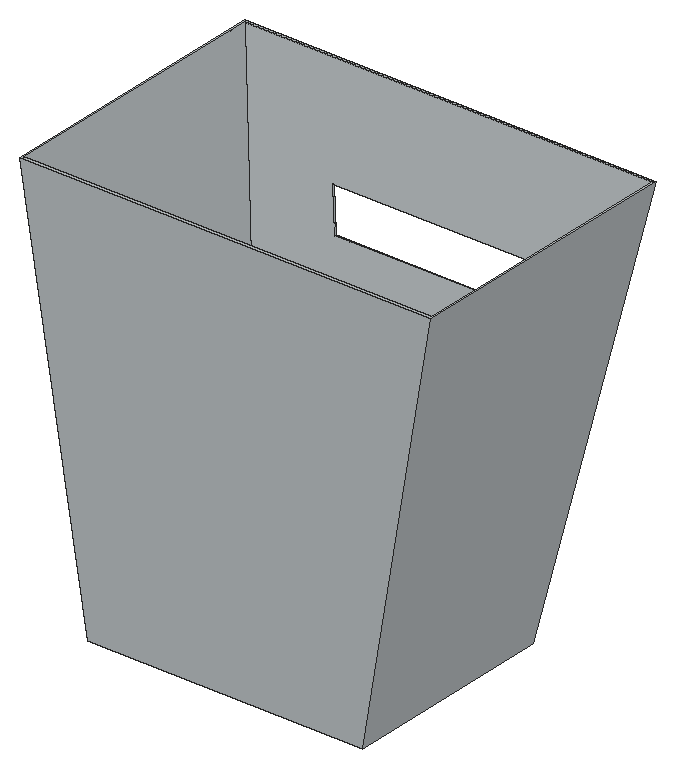
Revit family
Parameters (values of type "Continuous Spouting - Taper (Unpainted Zincalume)")
  Ownership = "Continuous Spouting New Zealand Ltd"
  Outlet Width = 140.0 mm
  Top Width = 300.0 mm
  Downpipe Radius = 40.0 mm
  Downpipe Offset = Distance from Wall + 80.0 mm  # 100.0 mm
  Base Width = 200.0 mm
  URL = "http://www.productspec.net/products/8636/continuous-spouting-new-zealand-ltd/rainwater-heads-taperhead.aspx"
  Type Comments = "Rainwater Head"
  Rainwater Head = Unpainted Zincalume
  Model = "Taper"
  Manufacturer = "Continuous Spouting New Zealand Ltd"
  Height = 300.0 mm
  Distance from Wall = 20.0 mm
  Top Depth = 205.0 mm
  Created By = "Productspec Ltd"
  Base Depth = 155.0 mm
  Author = "Zinder Zhao"
Types (5, lengths in mm): name | Rainwater Head
  Continuous Spouting - Taper (Copper) | Copper
  Continuous Spouting - Taper (Zinc) | Zinc
  Continuous Spouting - Taper (Aluminium) | Aluminium
  Continuous Spouting - Taper (Unpainted Zincalume) | Unpainted Zincalume
  Continuous Spouting - Taper (Colorcote®) | Colorcote®
Reference planes
  plane 1: y = 0
  plane 2 "Center (Left/Right)": x = 125
  plane 3 "Back": y = 75
  plane 4 "Rainwater Head Back": y = 95
  plane 5: z = 225
  plane 6: z = 195
  plane 7: z = 300
  plane 8: x = 25
  plane 9: x = 225
  plane 10: x = -25
  plane 11: x = 275
  plane 12: y = 175
  plane 13: y = 300
  plane 14: y = 250
Forms (mm)
  Extrusion 1, solid, material "Unpainted Zincalume" <- "Rainwater Head"
    sketch origin (0, 95, 0) x (-1, 0, 0) y (0, 0, 1)
      loop
        line (26, 300) -> (-276, 300) -> (-226, 0) -> (-24, 0) -> (26, 300)
    from 0 to 2
  Blend 2, solid, material "Unpainted Zincalume" <- "Rainwater Head"
    base sketch origin (-1763.567, -353.376, 0) x (1, 0, 0) y (0, 1, 0)
      loop
        line (1788.567, 450.376) -> (1788.567, 603.376) -> (1988.567, 603.376) -> (1988.567, 450.376) -> (1989.567, 450.376) -> (1989.567, 604.376) -> (1787.567, 604.376) -> (1787.567, 450.376) -> (1788.567, 450.376)
    top sketch origin (-1763.567, -353.376, 0) x (1, 0, 0) y (0, 1, 0)
      loop
        line (1738.567, 450.376) -> (1738.567, 653.376) -> (2038.567, 653.376) -> (2038.567, 450.376) -> (2039.567, 450.376) -> (2039.567, 654.376) -> (1737.567, 654.376) -> (1737.567, 450.376) -> (1738.567, 450.376)
    from 0 to 300
  Extrusion 3, solid, material "Unpainted Zincalume" <- "Rainwater Head"
    sketch origin (0, 0, 0) x (1, 0, 0) y (0, 1, 0)
      loop
        line (25, 97) -> (225, 97) -> (225, 250) -> (25, 250) -> (25, 97)
      loop
        circle (125, 175) r 40
    from 0 to 2
  Extrusion 4, void
    sketch origin (0, 275, 0) x (1, 0, 0) y (0, 0, 1)
      loop
        line (50, 225) -> (55, 195) -> (195, 195) -> (200, 225) -> (50, 225)
    from -151.415 to 100
Cuts and joins
  Extrusion 4 cuts Blend 2
  joined: Extrusion 1, Blend 2, Extrusion 3
Lines and regions (mm)
  symbolic lines, style "Rainwater Head", detail levels medium+fine
    curve 1: arc (165, 175, 0) -> (125, 135, 0) -> (85, 175, 0) r 40
    curve 2: arc (85, 175, 0) -> (125, 215, 0) -> (165, 175, 0) r 40
    curve 3: line (-26, 301, 0) -> (276, 301, 0)
    curve 4: line (-26, 95, 0) -> (-26, 301, 0)
    curve 5: line (276, 95, 0) -> (-26, 95, 0)
    curve 6: line (276, 301, 0) -> (276, 95, 0)
Text (mm)
  text "Placement side" at (-1787.139, 592.35, 0), in view "Ref. Level"
  text "Placement side" at (0, 1827.695, 2917.686), in view "Left"
  text "Placement side" at (0, 562.268, 3853.606), in view "Right"
Dimensions and locks
  locked: plane 3 "Back" to host wall at 0
  "Distance from Wall": plane 4 "Rainwater Head Back" to plane 3 "Back"
  locked: plane 6 to plane 5 at 30
  "Height": level to plane 7
  equal spacing: plane 10, plane 2 "Center (Left/Right)", plane 11
  "Top Width": plane 10 to plane 11
  equal spacing: plane 8, plane 2 "Center (Left/Right)", plane 9
  "Base Width": plane 8 to plane 9
  "Downpipe Offset": plane 12 to plane 3 "Back"
  locked: plane 5 to plane 7 at 75
  "Base Depth": plane 14 to plane 4 "Rainwater Head Back"
  "Top Depth": plane 13 to plane 4 "Rainwater Head Back"
  "Downpipe Radius": radius of Extrusion 3 sketch curve
  aligned and locked: host wall to plane 1
  aligned and locked: Extrusion 1 sketch curve to level
  aligned and locked: Blend 2 sketch curve to plane 14
  aligned and locked: Extrusion 4 to plane 12
  aligned and locked: plane 7 to cut or joined group of Extrusion 1, Blend 2, Extrusion 3, Extrusion 4
  aligned and locked: curve 3 to cut or joined group of Extrusion 1, Blend 2, Extrusion 3, Extrusion 4  (x2)
  aligned and locked: curve 6 to cut or joined group of Extrusion 1, Blend 2, Extrusion 3, Extrusion 4  (x2)
Automatic sketch dimensions
  Extrusion 1 sketch curve to plane 7 = 0.0 mm
  plane 11 to Extrusion 1 sketch curve = 1.0 mm
  plane 9 to Extrusion 1 sketch curve = 1.0 mm
  Extrusion 1 sketch curve to plane 8 = 1.0 mm
  Extrusion 1 sketch curve to plane 10 = 1.0 mm
  Blend 2 sketch curve to plane 8 = 0.0 mm
  Blend 2 sketch curve to plane 9 = 0.0 mm
  Blend 2 sketch curve to Blend 2 sketch curve = 1.0 mm
  plane 9 to Blend 2 sketch curve = 1.0 mm
  plane 4 "Rainwater Head Back" to Blend 2 sketch curve = 2.0 mm  (x4)
  plane 14 to Blend 2 sketch curve = 1.0 mm
  Blend 2 sketch curve to plane 10 = 0.0 mm
  Blend 2 sketch curve to plane 11 = 0.0 mm
  Blend 2 sketch curve to plane 13 = 0.0 mm
  Blend 2 sketch curve to plane 10 = 1.0 mm
  plane 11 to Blend 2 sketch curve = 1.0 mm
  plane 13 to Blend 2 sketch curve = 1.0 mm
  Extrusion 3 sketch curve to plane 8 = 0.0 mm
  Extrusion 3 sketch curve to plane 2 "Center (Left/Right)" = 0.0 mm
  Extrusion 3 sketch curve to plane 9 = 0.0 mm
  Extrusion 3 sketch curve to plane 12 = 0.0 mm
  Extrusion 3 sketch curve to plane 14 = 0.0 mm
  plane 4 "Rainwater Head Back" to Extrusion 3 sketch curve = 2.0 mm
  Extrusion 4 sketch curve to plane 5 = 0.0 mm
  Extrusion 4 sketch curve to plane 6 = 0.0 mm
  plane 8 to Extrusion 4 sketch curve = 25.0 mm
  plane 8 to Extrusion 4 sketch curve = 30.0 mm
  Extrusion 4 sketch curve to plane 9 = 30.0 mm
  Extrusion 4 sketch curve to plane 9 = 25.0 mm
  curve 1 to plane 12 = 0.0 mm
  curve 1 to plane 2 "Center (Left/Right)" = 0.0 mm
  curve 2 to plane 2 "Center (Left/Right)" = 40.0 mm
Connectors
  piping at (125, 175, 0), driven by "Downpipe Radius"
    settings: on Extrusion 3, index 1
